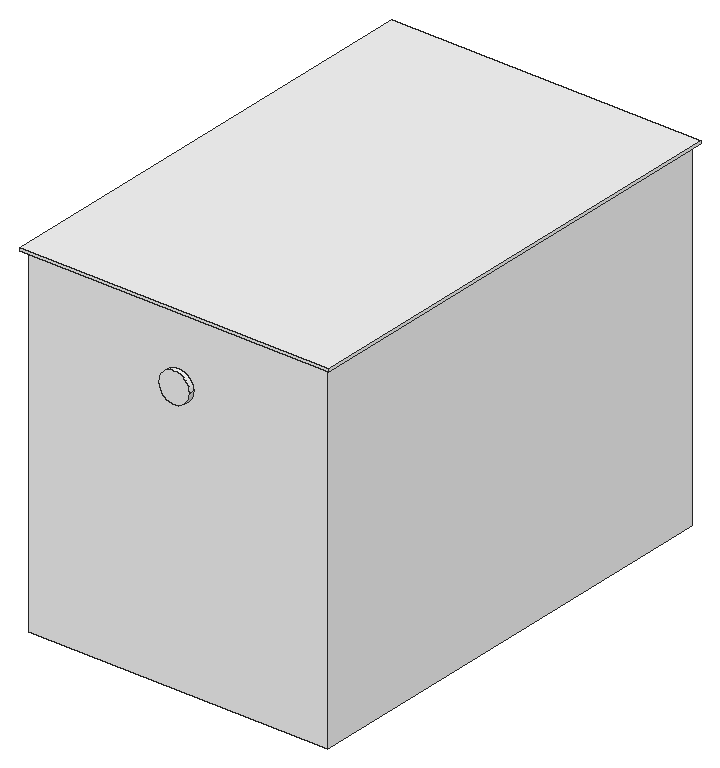
Revit family "Plumbing Fixture-Grease_Interseptor_Mifab_XL-MI-G", category Plumbing Fixtures, host Face, Revit 2013
Parameters (values of type "XL-MI-G-9")
  Water Capacity = "1172.34 Gallons"
  WFU = 0
  URL = "www.mifab.com"
  Standard Inlet And Outlet Radii = F / 2  # 3.000"
  Model = "XL-MI-G-9"
  Manufacturer = "MIFAB"
  Interceptor Material = Acid Resistant Epoxy Coated Green
  Grease Capacity = "1000 lbs"
  Flow Rate = "500 GPM"
  F = 6.000"
  E = 68.000"
  Description = "Large Capacity Grease Interceptor"
  Default Elevation = 0.000"
  D = 54.000"
  C = 14.000"
  B = 61.000"
  Assembly Code = "D2090300"
  A = 92.000"
Types (13): name | Water Capacity | Standard Inlet And Outlet Radii | Model | Grease Capacity | Flow Rate | F | E | D | C | B | A
  (no name) | "1172.34 Gallons" | 3.000" | "XL-MI-G-9" | "1000 lbs" | "500 GPM" | 6.000" | 68.000" | 54.000" | 14.000" | 61.000" | 92.000"
  XL-MI-G-0 | "108.05 Gallons" | 2.000" | "XL-MI-G-0" | "150 lbs" | "75 GPM" | 4.000" | 32.000" | 26.000" | 6.000" | 28.000" | 42.000"
  XL-MI-G-1 | "192.73 Gallons" | 2.000" | "XL-MI-G-1" | "200 lbs" | "100 GPM" | 4.000" | 34.000" | 26.000" | 8.000" | 37.000" | 55.000"
  XL-MI-G-2 | "226.91 Gallons" | 2.000" | "XL-MI-G-2" | "250 lbs" | "125 GPM" | 4.000" | 36.000" | 28.000" | 8.000" | 38.000" | 58.000"
  XL-MI-G-3 | "264.61 Gallons" | 2.000" | "XL-MI-G-3" | "300 lbs" | "150 GPM" | 4.000" | 38.000" | 30.000" | 8.000" | 39.000" | 61.000"
  XL-MI-G-4 | "395.64 Gallons" | 2.000" | "XL-MI-G-4" | "400 lbs" | "200 GPM" | 4.000" | 44.000" | 34.000" | 10.000" | 44.000" | 70.000"
  XL-MI-G-5 | "501.00 Gallons" | 2.000" | "XL-MI-G-5" | "500 lbs" | "250 GPM" | 4.000" | 48.000" | 38.000" | 10.000" | 46.000" | 75.000"
  XL-MI-G-6 | "579.87 Gallons" | 2.000" | "XL-MI-G-6" | "600 lbs" | "300 GPM" | 4.000" | 52.000" | 40.000" | 12.000" | 49.000" | 77.000"
  XL-MI-G-7 | "612.18 Gallons" | 3.000" | "XL-MI-G-7" | "700 lbs" | "350 GPM" | 6.000" | 52.000" | 40.000" | 12.000" | 51.000" | 80.000"
  XL-MI-G-8 | "805.09 Gallons" | 3.000" | "XL-MI-G-8" | "800 lbs" | "400 GPM" | 6.000" | 58.000" | 44.000" | 14.000" | 56.000" | 84.000"
  XL-MI-G-9 | "1172.34 Gallons" | 3.000" | "XL-MI-G-9" | "1000 lbs" | "500 GPM" | 6.000" | 68.000" | 54.000" | 14.000" | 61.000" | 92.000"
  XL-MI-G-10 | "1807.79 Gallons" | 4.000" | "XL-MI-G-10" | "1200 lbs" | "600 GPM" | 8.000" | 76.000" | 62.000" | 14.000" | 74.000" | 102.000"
  XL-MI-G-11 | "2580.71 Gallons" | 4.000" | "XL-MI-G-11" | "1500 lbs" | "750 GPM" | 8.000" | 80.000" | 66.000" | 14.000" | 76.000" | 108.000"
Reference planes (in)
  plane 1 "Center (Front/Back)": y = 0
  plane 2: z = 0
  plane 3 "Center (Left/Right)": x = 0
  plane 4: x = -30.5
  plane 5: y = -46
  plane 6: y = 46
  plane 7: x = 30.5
  plane 8: z = -14
  plane 9: z = -68
  plane 10: z = -68
  plane 11: z = -0.1345
  plane 12: z = -67.8655
Forms (in)
  Extrusion 1, solid, material "Acid Resistant Epoxy Coated Green" <- "Interceptor Material"
    sketch origin (0, 0, 0) x (1, 0, 0) y (0, 1, 0)
      loop
        line (-30.5, 46) -> (-30.5, -46) -> (30.5, -46) -> (30.5, 46) -> (-30.5, 46)
    from 0 to -0.5
  Extrusion 2, solid, material "Acid Resistant Epoxy Coated Green" <- "Interceptor Material"
    sketch origin (0, 0, 0) x (1, 0, 0) y (0, 1, 0)
      loop
        line (-29.5, 45) -> (-29.5, -45) -> (29.5, -45) -> (29.5, 45) -> (-29.5, 45)
    from 0 to -68
  Extrusion 3, solid, material "Acid Resistant Epoxy Coated Green" <- "Interceptor Material"
    sketch origin (0, 0, 0) x (1, 0, 0) y (0, 0, 1)
      loop
        circle (0, -14) r 3
    from -46 to 46
Cuts and joins
  joined: Extrusion 1, Extrusion 2, Extrusion 3
Lines and regions (in)
  symbolic lines, style "PlumbingFixtures"
    curve 1: line (-30.5, 46, 0) -> (30.5, 46, 0)
    curve 2: line (-30.5, -46, 0) -> (-30.5, 46, 0)
    curve 3: line (30.5, -46, 0) -> (-30.5, -46, 0)
    curve 4: line (30.5, 46, 0) -> (30.5, -46, 0)
Dimensions and locks (in)
  equal spacing: plane 4, plane 3 "Center (Left/Right)", plane 7
  equal spacing: plane 6, plane 1 "Center (Front/Back)", plane 5
  "B": plane 4 to plane 7
  "A": plane 6 to plane 5
  "C": host face to plane 8
  "D": plane 8 to plane 9
  "E": host face to plane 10
  equal spacing: Extrusion 2 sketch curve, plane 3 "Center (Left/Right)", Extrusion 2 sketch curve
  equal spacing: Extrusion 2 sketch curve, plane 1 "Center (Front/Back)", Extrusion 2 sketch curve
  Extrusion 2 sketch curve to plane 6 = 1.000"
  plane 4 to Extrusion 2 sketch curve = 1.000"
  locked: plane 12 to plane 10 at 0.1345
  locked: host face to plane 11 at 0.1345
  "F": diameter of Extrusion 3 sketch curve
  aligned and locked: plane 2 to host face
  aligned and locked: level to host face
  aligned and locked: Extrusion 1 sketch curve to plane 6
  aligned and locked: plane 4 to Extrusion 1 sketch curve
  aligned and locked: plane 5 to Extrusion 1 sketch curve
  aligned and locked: Extrusion 1 sketch curve to plane 7
  aligned and locked: Extrusion 2 to plane 9
  aligned and locked: Extrusion 3 to plane 5
  aligned and locked: plane 6 to Extrusion 3
  aligned and locked: Extrusion 3 to cut or joined group of Extrusion 1, Extrusion 2, Extrusion 3
  aligned and locked: curve 1 to plane 6
  aligned and locked: plane 4 to curve 2
  aligned and locked: plane 5 to curve 3
  aligned and locked: curve 4 to plane 7
Automatic sketch dimensions
  host sketch curve to host sketch curve = 95.75324"
  host sketch curve to host sketch curve = 129.1772"
  Extrusion 3 sketch curve to plane 3 "Center (Left/Right)" = 0.000"
  Extrusion 3 sketch curve to plane 8 = 0.000"
Connectors (in)
  piping at (0, 46, -14), driven by "Standard Inlet And Outlet Radii"
    settings: on cut or joined group of Extrusion 1, Extrusion 2, Extrusion 3, index 1, connector radius 3", flow factor 0, pipe flow 0 GPM, pressure drop 0.00 psi, fitting loss kfactor 0, connector angle 0.00°, fixture units 0, engagement length 0.000", flow configuration 0, flow direction 2, fitting loss method 0, system type 16, joint type 0, gender type 0, connector reference index -1, connector utility 0, adjustable connector no, is connector primary yes, fitting loss table "", connector description "Out"
  piping at (0, -46, -14), driven by "Standard Inlet And Outlet Radii"
    settings: on cut or joined group of Extrusion 1, Extrusion 2, Extrusion 3, index 2, connector radius 3", flow factor 0, pipe flow 0 GPM, pressure drop 0.00 psi, fitting loss kfactor 0, connector angle 0.00°, fixture units 0, engagement length 0.000", flow configuration 0, flow direction 1, fitting loss method 0, system type 16, joint type 0, gender type 0, connector reference index -1, connector utility 0, adjustable connector no, is connector primary no, fitting loss table "", connector description "In"
